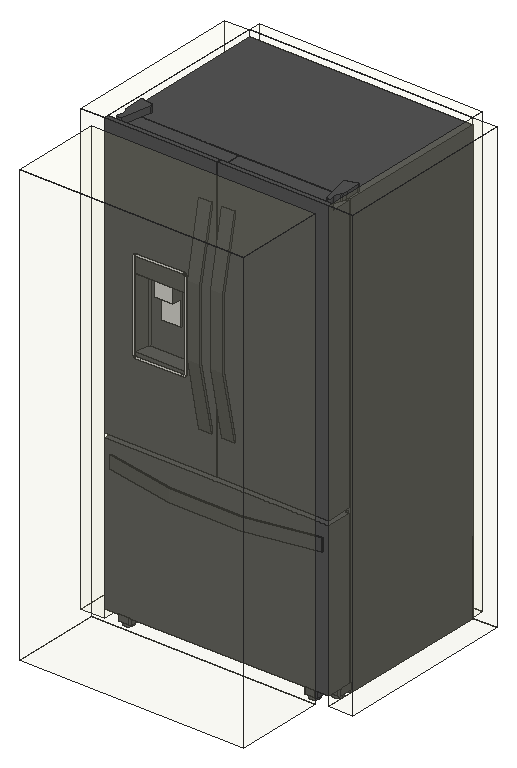
Revit family "WRF954CIHB-014c_Refrigeration_French_Door", category Specialty Equipment, Revit 2026
Family settings
  Round Connector Dimension = Use Diameter
  Part Type = Normal
  Work Plane-Based = No
  Enable Cutting in Views = No
  Always vertical = Yes
  Cut with Voids When Loaded = No
  Maintain Annotation Orientation = No
  Shared = No
  Room Calculation Point = No
Parameters (values of type "WRF954CIHB")
  Width = 35 13/16"
  Warranty Duration (Years) = "Five year limited"
  Voltage = 120 V
  URL = "https://www.whirlpool.com/kitchen/refrigeration/refrigerators/french-door/p.36-inch-wide-counter-depth-french-door-refrigerator-24-cu.-ft.wrf954cihz.html"
  Specification = ""
  SpecWizard = ""
  Show Clearance [instance] = yes
  Send Message = ""
  Sales Information = "https://www.whirlpool.com/kitchen/refrigeration/refrigerators/french-door/p.36-inch-wide-counter-depth-french-door-refrigerator-24-cu.-ft.wrf954cihz.html"
  Product Data = "https://www.whirlpool.com/content/dam/global/documents/201710/specification-sheet-WR170102C.pdf"
  Model = "WRF954CIHB"
  Manufacturer Website = ""
  Manufacturer Phone - Toll Free = ""
  Manufacturer Phone = ""
  Manufacturer Fax = ""
  Manufacturer Email = ""
  Manufacturer Address = ""
  Manufacturer = "Whirlpool"
  Maintenance Schedule (Months) = "NA"
  Leg Material = ARCAT - Metal - Steel - Black
  Installation-Fabrication = "https://www.whirlpool.com/content/dam/global/documents/201809/use-and-care-w10913493-revE.pdf"
  Installation Phase = "NA"
  Height = 71 7/8"
  Handle Material = ARCAT - Metal - Steel - Grey
  HW size = 0"
  Family Name = "Freestanding Refrigerator"
  Expected Lifespan (Years) = "NA"
  Exhaust size = 0"
  Drawn By = ""
  Drain size = 0"
  Door Material = ARCAT - Metal - Steel - Black
  Display Panel Material = ARCAT - Glass - Black
  Description = "Whirlpool® 36-inch Wide Counter Depth French Door Refrigerator"
  Depth = 31 1/2"
  Default Elevation = 0"
  Copyright = ""
  Clearance Material = ARCAT - Clearance
  CW size = 0"
  Body Material = ARCAT - Metal - Steel - Black
  Apparent Load = 0 VA
  Amps = 15 A
Reference planes (in)
  plane 1 "Center (Front/Back)": y = 0
  plane 2: z = 0
  plane 3 "Center (Left/Right)": x = 0
  plane 4: x = -17.90625
  plane 5: x = 17.90625
  plane 6: y = -33.5
  plane 7: z = 71.875
  plane 8: y = -2
Forms (in)
  Extrusion 1, solid, material "ARCAT - Metal - Steel - Black" <- "Body Material"
    sketch origin (0, -2, 0) x (1, 0, 0) y (0, 1, 0)
      loop
        line (-17.90625, -0.125) -> (-17.90625, -24.375) -> (17.90625, -24.375) -> (17.90625, -0.125) -> (-17.90625, -0.125)
    from 0 to 70.875
  Extrusion 2, solid, material "ARCAT - Metal - Steel - Black" <- "Door Material"
    sketch origin (0, -2, 0) x (1, 0, 0) y (0, 1, 0)
      loop
        line (-17.90625, -28.875) -> (17.90625, -28.875) -> (17.90625, -24.875) -> (17.40625, -24.875) -> (17.40625, -24.375) -> (-17.40625, -24.375) -> (-17.40625, -24.875) -> (-17.90625, -24.875) -> (-17.90625, -28.875)
    from 1.5 to 26
  Extrusion 3, solid, material "ARCAT - Metal - Steel - Black" <- "Door Material"
    sketch origin (0, -2, 24.5) x (1, 0, 0) y (0, 1, 0)
      loop
        line (-17.90625, -28.875) -> (-0.04198, -28.875) -> (-0.04198, -24.45374) -> (-17.40625, -24.45374) -> (-17.40625, -24.875) -> (-17.90625, -24.875) -> (-17.90625, -28.875)
      loop
        line (17.40625, -24.45374) -> (0.03676, -24.45374) -> (0.03676, -28.875) -> (17.90625, -28.875) -> (17.90625, -24.875) -> (17.40625, -24.875) -> (17.40625, -24.45374)
    from 2.25 to 46.375
  Extrusion 4, solid, material "ARCAT - Metal - Steel - Grey" <- "Handle Material"
    sketch origin (0, -2, 0) x (1, 0, 0) y (0, 1, 0)
      loop
        arc (-16.92791, -29.11879) -> (0, -31.5) -> (16.92791, -29.11879) r 61.3604
        arc (16.92791, -29.11879) -> (16.99365, -29.07359) -> (17.01895, -28.99793) r 0.12574
        line (17.01895, -28.99793) -> (17.01895, -28.875) -> (16.87109, -28.875)
        arc (16.87109, -28.875) -> (0, -31.25) -> (-16.87109, -28.875) r 61.1104
        line (-16.87109, -28.875) -> (-17.01895, -28.875) -> (-17.01895, -28.99793)
        arc (-17.01895, -28.99793) -> (-16.99365, -29.07359) -> (-16.92791, -29.11879) r 0.12574
    from 22 to 24
  Extrusion 5, solid, material "ARCAT - Metal - Steel - Grey" <- "Handle Material"
    sketch origin (0, -2, 0) x (0, 1, 0) y (0, 0, 1)
      loop
        arc (-28.875, 65.875) -> (-31.5024, 49.21028) -> (-28.875, 32.54555) r 54.16303
        line (-28.875, 32.54555) -> (-28.875, 33.37696)
        arc (-28.875, 33.37696) -> (-31.2524, 49.21028) -> (-28.875, 65.0436) r 53.91303
        line (-28.875, 65.0436) -> (-28.875, 65.875)
    from 0.83523 to 2.83523
  Extrusion 6, solid, material "ARCAT - Metal - Steel - Grey" <- "Handle Material"
    sketch origin (0, -2, 0) x (0, 1, 0) y (0, 0, -1)
      loop
        line (-28.875, -65.875) -> (-28.875, -65.0436)
        arc (-28.875, -65.0436) -> (-31.2524, -49.21028) -> (-28.875, -33.37696) r 53.91303
        line (-28.875, -33.37696) -> (-28.875, -32.54555)
        arc (-28.875, -32.54555) -> (-31.5024, -49.21028) -> (-28.875, -65.875) r 54.16303
    from 0.83523 to 2.83523
  Extrusion 7, solid, material "ARCAT - Glass - Black" <- "Display Panel Material"
    sketch origin (-27.61051, -30.875, 49.9075) x (-1, 0, 0) y (0, 0, 1)
      loop
        line (-14.72929, 4.30278) -> (-22.27528, 4.30278)
        arc (-22.27528, 4.30278) -> (-22.62883, 4.15634) -> (-22.77528, 3.80278) r 0.5
        line (-22.77528, 3.80278) -> (-22.77528, -10.19722)
        arc (-22.77528, -10.19722) -> (-22.62883, -10.55077) -> (-22.27528, -10.69722) r 0.5
        line (-22.27528, -10.69722) -> (-14.72929, -10.69722)
        arc (-14.72929, -10.69722) -> (-14.37574, -10.55077) -> (-14.22929, -10.19722) r 0.5
        line (-14.22929, -10.19722) -> (-14.22929, 3.80278)
        arc (-14.22929, 3.80278) -> (-14.37574, 4.15634) -> (-14.72929, 4.30278) r 0.5
      loop
        line (-14.72929, 4.05278) -> (-22.27528, 4.05278)
        arc (-22.27528, 4.05278) -> (-22.45206, 3.97956) -> (-22.52528, 3.80278) r 0.25
        line (-22.52528, 3.80278) -> (-22.52528, -10.19722)
        arc (-22.52528, -10.19722) -> (-22.45206, -10.37399) -> (-22.27528, -10.44722) r 0.25
        line (-22.27528, -10.44722) -> (-14.72929, -10.44722)
        arc (-14.72929, -10.44722) -> (-14.55251, -10.37399) -> (-14.47929, -10.19722) r 0.25
        line (-14.47929, -10.19722) -> (-14.47929, 3.80278)
        arc (-14.47929, 3.80278) -> (-14.55251, 3.97956) -> (-14.72929, 4.05278) r 0.25
    from 0 to -0.0625
  Extrusion 8, void
    sketch origin (-0.02019, -2, 0) x (1, 0, 0) y (0, 1, 0)
      loop
        line (-13.11103, -28.875) -> (-5.06504, -28.875) -> (-5.34276, -26.61317)
        arc (-5.34276, -26.61317) -> (-5.42524, -26.4564) -> (-5.5909, -26.39363) r 0.25
        line (-5.5909, -26.39363) -> (-12.58518, -26.39363)
        arc (-12.58518, -26.39363) -> (-12.75083, -26.4564) -> (-12.83331, -26.61317) r 0.25
        line (-12.83331, -26.61317) -> (-13.11103, -28.875)
    from 39.99552 to 51.39588
  Extrusion 9, solid, material "ARCAT - Metal - Steel - Black" <- "Leg Material"
    sketch origin (0, -2, 0) x (1, 0, 0) y (0, 1, 0)
      loop
        line (-17.90625, -24.375) -> (-17.90625, -26.5)
        arc (-17.90625, -26.5) -> (-17.83303, -26.67678) -> (-17.65625, -26.75) r 0.25
        line (-17.65625, -26.75) -> (-16.15625, -26.75)
        arc (-16.15625, -26.75) -> (-15.97947, -26.82322) -> (-15.90625, -27) r 0.25
        line (-15.90625, -27) -> (-15.90625, -28.625)
        arc (-15.90625, -28.625) -> (-15.83303, -28.80178) -> (-15.65625, -28.875) r 0.25
        line (-15.65625, -28.875) -> (-14.15625, -28.875)
        arc (-14.15625, -28.875) -> (-13.97947, -28.80178) -> (-13.90625, -28.625) r 0.25
        line (-13.90625, -28.625) -> (-13.90625, -24.375) -> (-17.90625, -24.375)
    from 0.5 to 1.5
  Extrusion 10, solid, material "ARCAT - Metal - Steel - Black" <- "Leg Material"
    sketch origin (0, -2, 0) x (1, 0, 0) y (0, 1, 0)
      loop
        circle (-14.90625, -27.9375) r 0.75
      loop
        circle (-16.96875, -25.8125) r 0.75
    from 0 to 0.5
  Extrusion 11, solid, material "ARCAT - Metal - Steel - Black" <- "Leg Material"
    sketch origin (0, -2, 0) x (-1, 0, 0) y (0, -1, 0)
      loop
        line (-17.90625, 24.375) -> (-13.90625, 24.375) -> (-13.90625, 28.625)
        arc (-13.90625, 28.625) -> (-13.97947, 28.80178) -> (-14.15625, 28.875) r 0.25
        line (-14.15625, 28.875) -> (-15.65625, 28.875)
        arc (-15.65625, 28.875) -> (-15.83303, 28.80178) -> (-15.90625, 28.625) r 0.25
        line (-15.90625, 28.625) -> (-15.90625, 27)
        arc (-15.90625, 27) -> (-15.97947, 26.82322) -> (-16.15625, 26.75) r 0.25
        line (-16.15625, 26.75) -> (-17.65625, 26.75)
        arc (-17.65625, 26.75) -> (-17.83303, 26.67678) -> (-17.90625, 26.5) r 0.25
        line (-17.90625, 26.5) -> (-17.90625, 24.375)
    from 0.5 to 1.5
  Extrusion 12, solid, material "ARCAT - Metal - Steel - Black" <- "Leg Material"
    sketch origin (0, -2, 0) x (-1, 0, 0) y (0, -1, 0)
      loop
        circle (-14.90625, 27.9375) r 0.75
      loop
        circle (-16.96875, 25.8125) r 0.75
    from 0 to 0.5
  Extrusion 13, solid, material "ARCAT - Metal - Steel - Black" <- "Door Material"
    sketch origin (0, -2, 0) x (1, 0, 0) y (0, 1, 0)
      loop
        line (-17.90625, -28.875) -> (-0.04198, -28.875) -> (-0.04198, -28.125) -> (-17.90625, -28.125) -> (-17.90625, -28.875)
      loop
        line (17.90625, -28.125) -> (0.03676, -28.125) -> (0.03676, -28.875) -> (17.90625, -28.875) -> (17.90625, -28.125)
    from 70.875 to 71.875
  Extrusion 14, solid, material "ARCAT - Metal - Steel - Black" <- "Body Material"
    sketch origin (19.92644, -2.125, 48) x (-1, 0, 0) y (0, 0, 1)
      loop
        line (2.02019, 22.875) -> (2.02019, -36) -> (3.02019, -36) -> (3.02019, 21.875) -> (36.83269, 21.875) -> (36.83269, -36) -> (37.83269, -36) -> (37.83269, 22.875) -> (2.02019, 22.875)
    from 0 to 0.125
  Extrusion 15, solid, material "ARCAT - Metal - Steel - Black" <- "Body Material"
    sketch origin (-24.53544, -182, 71.875) x (-1, 0, 0) y (0, -1, 0)
      loop
        line (-25.15355, -179.875) -> (-24.53544, -180) -> (-23.91733, -179.875) -> (-25.15355, -179.875)
    from -2 to -71.875
  Extrusion 16, solid, material "ARCAT - Metal - Steel - Black" <- "Body Material"
    sketch origin (-17.90625, -2.125, 0) x (1, 0, 0) y (0, 0, -1)
      loop
        arc (35.78875, -12) -> (35.80554, -11.99304) -> (35.8125, -11.97625) r 0.02375
        line (35.8125, -11.97625) -> (35.8125, 0) -> (18.52436, 0) -> (18.52436, -12.40323) -> (34.64611, -12.40323)
        arc (34.64611, -12.40323) -> (34.66353, -12.39602) -> (34.67075, -12.37859) r 0.02464
        line (34.67075, -12.37859) -> (34.67075, -12.02344)
        arc (34.67075, -12.02344) -> (34.67762, -12.00686) -> (34.69419, -12) r 0.02344
        line (34.69419, -12) -> (35.78875, -12)
      loop
        line (0, 0) -> (0, -11.97625)
        arc (0, -11.97625) -> (0.00696, -11.99304) -> (0.02375, -12) r 0.02375
        line (0.02375, -12) -> (1.11831, -12)
        arc (1.11831, -12) -> (1.13488, -12.00686) -> (1.14175, -12.02344) r 0.02344
        line (1.14175, -12.02344) -> (1.14175, -12.37859)
        arc (1.14175, -12.37859) -> (1.14897, -12.39602) -> (1.16639, -12.40323) r 0.02464
        line (1.16639, -12.40323) -> (17.28814, -12.40323) -> (17.28814, 0) -> (0, 0)
    from 0 to 0.0625
  Extrusion 17, solid, material "ARCAT - Metal - Steel - Black" <- "Body Material"
    sketch origin (-17.90625, -2.125, 29.25) x (1, 0, 0) y (0, 0, -1)
      loop
        arc (33.8125, -12.40323) -> (34.51961, -12.11034) -> (34.8125, -11.40323) r 1
        line (34.8125, -11.40323) -> (34.8125, -0.40323)
        arc (34.8125, -0.40323) -> (34.51961, 0.30387) -> (33.8125, 0.59677) r 1
        line (33.8125, 0.59677) -> (24.8125, 0.59677)
        arc (24.8125, 0.59677) -> (24.10539, 0.30387) -> (23.8125, -0.40323) r 1
        line (23.8125, -0.40323) -> (23.8125, -11.40323)
        arc (23.8125, -11.40323) -> (24.10539, -12.11034) -> (24.8125, -12.40323) r 1
        line (24.8125, -12.40323) -> (33.8125, -12.40323)
    from 0 to 0.0625
  Extrusion 18, void
    sketch origin (-17.90625, -2.125, 0) x (-1, 0, 0) y (0, 0, -1)
      loop
        line (-4.17709, -7.80229) -> (-1.67709, -7.80229) -> (-1.67709, -5.05229) -> (-4.17709, -5.05229) -> (-4.17709, -7.80229)
    from -0.125 to 1.8721
  Extrusion 19, solid, material "ARCAT - Metal - Steel - Black" <- "Body Material"
    sketch origin (-17.90625, -2.0625, 0) x (1, 0, 0) y (0, 0, -1)
      loop
        circle (27.08085, -11.70577) r 0.25
    from 0 to 0.03125
  Blend 20, solid, material "ARCAT - Metal - Steel - Black" <- "Body Material"
    base sketch origin (-16.81408, -2.0625, -0.25) x (1, 0, 0) y (0, 0, -1)
      loop
        arc (14.99597, -11.01586) -> (15.8445, -10.66438) -> (16.19597, -9.81586) r 1.2
        line (16.19597, -9.81586) -> (16.19597, -3.34086)
        arc (16.19597, -3.34086) -> (15.8445, -2.49233) -> (14.99597, -2.14086) r 1.2
        line (14.99597, -2.14086) -> (9.39597, -2.14086)
        arc (9.39597, -2.14086) -> (8.54745, -2.49233) -> (8.19597, -3.34086) r 1.2
        line (8.19597, -3.34086) -> (8.19597, -9.81586)
        arc (8.19597, -9.81586) -> (8.54745, -10.66438) -> (9.39597, -11.01586) r 1.2
        line (9.39597, -11.01586) -> (14.99597, -11.01586)
    top sketch origin (-16.81408, -2.0625, -0.25) x (1, 0, 0) y (0, 0, -1)
      loop
        line (15.19597, -9.51586) -> (15.19597, -3.64086)
        arc (15.19597, -3.64086) -> (15.04953, -3.2873) -> (14.69597, -3.14086) r 0.5
        line (14.69597, -3.14086) -> (9.69597, -3.14086)
        arc (9.69597, -3.14086) -> (9.34242, -3.2873) -> (9.19597, -3.64086) r 0.5
        line (9.19597, -3.64086) -> (9.19597, -9.51586)
        arc (9.19597, -9.51586) -> (9.34242, -9.86941) -> (9.69597, -10.01586) r 0.5
        line (9.69597, -10.01586) -> (14.69597, -10.01586)
        arc (14.69597, -10.01586) -> (15.04953, -9.86941) -> (15.19597, -9.51586) r 0.5
    from 0 to 0.0625
  Extrusion 21, solid, material "ARCAT - Glass - Black" <- "Display Panel Material"
    sketch origin (-17.90625, -30.875, 24.5) x (1, 0, 0) y (0, 0, 1)
      loop
        line (4.79522, 26.89588) -> (12.81841, 26.89588) -> (12.81841, 29.21028)
        arc (12.81841, 29.21028) -> (12.74518, 29.38705) -> (12.56841, 29.46028) r 0.25
        line (12.56841, 29.46028) -> (5.04522, 29.46028)
        arc (5.04522, 29.46028) -> (4.86844, 29.38705) -> (4.79522, 29.21028) r 0.25
        line (4.79522, 29.21028) -> (4.79522, 26.89588)
    from 0 to 0.0625
  Extrusion 22, solid, material "ARCAT - Clearance" <- "Clearance Material", visible <- "Show Clearance", detail levels medium+fine
    sketch origin (-24.53544, -182, 71.875) x (-1, 0, 0) y (0, -1, 0)
      loop
        line (-6.62919, -148.5) -> (-6.62919, -134.125) -> (-42.44169, -134.125) -> (-42.44169, -148.5) -> (-6.62919, -148.5)
    from 0 to -70.375
  Extrusion 23, solid, material "ARCAT - Metal - Steel - Black" <- "Body Material"
    sketch origin (0.40775, -2.73447, 70.875) x (1, 0, 0) y (0, 1, 0)
      loop
        arc (-17.51354, -21.39842) -> (-17.75419, -21.45093) -> (-17.86177, -21.6725) r 0.28197
        line (-17.86177, -21.6725) -> (-17.86177, -23.92511)
        arc (-17.86177, -23.92511) -> (-17.83722, -24.28246) -> (-17.76403, -24.6331) r 2.61317
        arc (-17.76403, -24.6331) -> (-17.70066, -24.78883) -> (-17.60425, -24.92658) r 0.75155
        arc (-17.60425, -24.92658) -> (-17.32156, -25.59776) -> (-17.50143, -26.30348) r 1.14347
        arc (-17.50143, -26.30348) -> (-17.33794, -26.87936) -> (-16.78806, -26.64274) r 0.39831
        line (-16.78806, -26.64274) -> (-15.82015, -22.08907)
        arc (-15.82015, -22.08907) -> (-15.85727, -21.8807) -> (-16.02917, -21.75722) r 0.28125
        line (-16.02917, -21.75722) -> (-17.51354, -21.39842)
    from 0 to 1
  Extrusion 24, solid, material "ARCAT - Metal - Steel - Black" <- "Body Material"
    sketch origin (-0.40775, -2.73447, 70.875) x (-1, 0, 0) y (0, -1, 0)
      loop
        line (-17.51354, 21.39842) -> (-16.02917, 21.75722)
        arc (-16.02917, 21.75722) -> (-15.85727, 21.8807) -> (-15.82015, 22.08907) r 0.28125
        line (-15.82015, 22.08907) -> (-16.78806, 26.64274)
        arc (-16.78806, 26.64274) -> (-17.33794, 26.87936) -> (-17.50143, 26.30348) r 0.39831
        arc (-17.50143, 26.30348) -> (-17.32156, 25.59776) -> (-17.60425, 24.92658) r 1.14347
        arc (-17.60425, 24.92658) -> (-17.70066, 24.78883) -> (-17.76403, 24.6331) r 0.75155
        arc (-17.76403, 24.6331) -> (-17.83722, 24.28246) -> (-17.86177, 23.92511) r 2.61317
        line (-17.86177, 23.92511) -> (-17.86177, 21.6725)
        arc (-17.86177, 21.6725) -> (-17.75419, 21.45093) -> (-17.51354, 21.39842) r 0.28197
    from 0 to 1
  Extrusion 25, solid, material "ARCAT - Clearance" <- "Clearance Material", visible <- "Show Clearance", detail levels medium+fine
    sketch origin (-28.44169, -182, 71.875) x (-1, 0, 0) y (0, -1, 0)
      loop
        line (-6.62919, -151.125) -> (-10.53544, -151.125) -> (-10.53544, -180) -> (-6.62919, -180) -> (-6.62919, -151.125)
      loop
        line (-50.25419, -151.125) -> (-50.25419, -180) -> (-46.34794, -180) -> (-46.34794, -151.125) -> (-50.25419, -151.125)
    from 0 to -71.875
  Extrusion 26, solid, material "ARCAT - Clearance" <- "Clearance Material", visible <- "Show Clearance", detail levels medium+fine
    sketch origin (-24.53544, -148.5, 71.875) x (-1, 0, 0) y (0, -1, 0)
      loop
        line (-6.62919, -148.5) -> (-6.62919, -146.5) -> (-42.44169, -146.5) -> (-42.44169, -148.5) -> (-6.62919, -148.5)
    from 0 to -71.875
  Extrusion 27, solid, material "ARCAT - Metal - Steel - Black" <- "Body Material"
    sketch origin (-7.60823, -28.39363, 51.39588) x (0, -1, 0) y (0, 0, -1)
      loop
        line (1.73137, 0) -> (1.73137, 2.88309) -> (0.25, 2.88309) -> (0.25, 6.88309) -> (0, 6.88309) -> (0, 0) -> (1.73137, 0)
    from 0 to -3
Cuts and joins
  Extrusion 8 cuts Extrusion 2
  Extrusion 8 cuts Extrusion 3
  joined: Extrusion 3, Extrusion 13
  Extrusion 18 cuts Extrusion 1
  joined: Extrusion 1, Extrusion 14
  Extrusion 18 cuts Extrusion 16
Lines and regions (in)
  Split face 1
    outline origin (-17.90625, -30.875, 70.875) x (0, 0, -1) y (1, 0, 0)
      loop
        line (30.87948, 4.77503) -> (31.16472, 4.77503)
        arc (31.16472, 4.77503) -> (31.3415, 4.84825) -> (31.41472, 5.02503) r 0.25
        line (31.41472, 5.02503) -> (31.41472, 12.57102)
        arc (31.41472, 12.57102) -> (31.3415, 12.74779) -> (31.16472, 12.82102) r 0.25
        line (31.16472, 12.82102) -> (30.87948, 12.82102) -> (30.87948, 4.77503)
  model lines
    curve 1: line (15.21757, -2.0625, 10.06619) -> (0.61811, -2.0625, 10.06619)
    curve 2: line (15.21757, -2.0625, 2.06619) -> (15.21757, -2.0625, 10.06619)
    curve 3: line (0.61811, -2.0625, 2.06619) -> (15.21757, -2.0625, 2.06619)
    curve 4: line (0.61811, -2.0625, 10.06619) -> (0.61811, -2.0625, 2.06619)
    curve 5: line (-10.64822, -2.0625, 10.78736) -> (-16.39822, -2.0625, 10.78736)
    curve 6: line (-10.64822, -2.0625, 2.06722) -> (-10.64822, -2.0625, 10.78736)
    curve 7: line (-16.39822, -2.0625, 9.56619) -> (-13.14822, -2.0625, 9.56619)
    curve 8: line (-16.39822, -2.0625, 10.78736) -> (-16.39822, -2.0625, 9.56619)
    curve 9: line (-16.39822, -2.0625, 3.28839) -> (-13.14822, -2.0625, 3.28839)
    curve 10: line (-13.14822, -2.0625, 9.56619) -> (-13.14822, -2.0625, 3.28839)
    curve 11: line (-13.89822, -2.0625, 2.06722) -> (-16.39822, -2.0625, 2.06722)
    curve 12: line (-16.39822, -2.0625, 3.28839) -> (-16.39822, -2.0625, 2.06722)
    curve 13: line (-13.89822, -2.0625, 2.06722) -> (-13.89822, -2.0625, 1.06722)
    curve 14: line (-13.89822, -2.0625, 1.06722) -> (-10.64822, -2.0625, 1.06722)
    curve 15: line (-10.64822, -2.0625, 1.06722) -> (-10.64822, -2.0625, 2.06722)
    curve 30: line (-17.90625, -4.125, 6.5) -> (-17.90625, -8.875, 6.5)
    curve 31: line (-17.90625, -4.125, 2) -> (-17.90625, -4.125, 6.5)
    curve 32: line (-17.90625, -8.875, 2) -> (-17.90625, -4.125, 2)
    curve 33: line (-17.90625, -8.875, 6.5) -> (-17.90625, -8.875, 2)
    curve 34: line (-17.90625, -4.375, 6.25) -> (-17.90625, -8.625, 6.25)
    curve 35: line (-17.90625, -4.375, 2.25) -> (-17.90625, -4.375, 6.25)
    curve 36: line (-17.90625, -8.625, 2.25) -> (-17.90625, -4.375, 2.25)
    curve 37: line (-17.90625, -8.625, 6.25) -> (-17.90625, -8.625, 2.25)
    curve 38: line (-17.90625, -4.625, 5.89718) -> (-17.90625, -8.375, 5.89718)
    curve 39: line (-17.90625, -4.625, 5.60282) -> (-17.90625, -4.625, 5.89718)
    curve 40: line (-17.90625, -8.375, 5.60282) -> (-17.90625, -4.625, 5.60282)
    curve 41: line (-17.90625, -8.375, 5.89718) -> (-17.90625, -8.375, 5.60282)
    curve 42: line (-17.90625, -4.625, 5.39718) -> (-17.90625, -8.375, 5.39718)
    curve 43: line (-17.90625, -4.625, 5.10282) -> (-17.90625, -4.625, 5.39718)
    curve 44: line (-17.90625, -8.375, 5.10282) -> (-17.90625, -4.625, 5.10282)
    curve 45: line (-17.90625, -8.375, 5.39718) -> (-17.90625, -8.375, 5.10282)
    curve 46: line (-17.90625, -4.625, 4.89718) -> (-17.90625, -8.375, 4.89718)
    curve 47: line (-17.90625, -4.625, 4.60282) -> (-17.90625, -4.625, 4.89718)
    curve 48: line (-17.90625, -8.375, 4.60282) -> (-17.90625, -4.625, 4.60282)
    curve 49: line (-17.90625, -8.375, 4.89718) -> (-17.90625, -8.375, 4.60282)
    curve 50: line (-17.90625, -4.625, 4.39718) -> (-17.90625, -8.375, 4.39718)
    curve 51: line (-17.90625, -4.625, 4.10282) -> (-17.90625, -4.625, 4.39718)
    curve 52: line (-17.90625, -8.375, 4.10282) -> (-17.90625, -4.625, 4.10282)
    curve 53: line (-17.90625, -8.375, 4.39718) -> (-17.90625, -8.375, 4.10282)
    curve 54: line (-17.90625, -4.625, 3.89718) -> (-17.90625, -8.375, 3.89718)
    curve 55: line (-17.90625, -4.625, 3.60282) -> (-17.90625, -4.625, 3.89718)
    curve 56: line (-17.90625, -8.375, 3.60282) -> (-17.90625, -4.625, 3.60282)
    curve 57: line (-17.90625, -8.375, 3.89718) -> (-17.90625, -8.375, 3.60282)
    curve 58: line (-17.90625, -4.625, 3.39718) -> (-17.90625, -8.375, 3.39718)
    curve 59: line (-17.90625, -4.625, 3.10282) -> (-17.90625, -4.625, 3.39718)
    curve 60: line (-17.90625, -8.375, 3.10282) -> (-17.90625, -4.625, 3.10282)
    curve 61: line (-17.90625, -8.375, 3.39718) -> (-17.90625, -8.375, 3.10282)
    curve 62: line (-17.90625, -4.625, 2.89718) -> (-17.90625, -8.375, 2.89718)
    curve 63: line (-17.90625, -4.625, 2.60282) -> (-17.90625, -4.625, 2.89718)
    curve 64: line (-17.90625, -8.375, 2.60282) -> (-17.90625, -4.625, 2.60282)
    curve 65: line (-17.90625, -8.375, 2.89718) -> (-17.90625, -8.375, 2.60282)
  symbolic lines, style "SpecialityEquipment"
    curve 16: line (-17.90625, -2, 71.875) -> (17.90625, -2, 71.875)
    curve 17: line (-17.90625, -30.875, 71.875) -> (-17.90625, -2, 71.875)
    curve 18: line (17.90625, -30.875, 71.875) -> (-17.90625, -30.875, 71.875)
    curve 19: line (17.90625, -2, 71.875) -> (17.90625, -30.875, 71.875)
    curve 20: arc (-16.92791, -31.11879, 71.875) -> (0, -33.5, 71.875) -> (16.92791, -31.11879, 71.875) r 61.3604
    curve 21: arc (16.92791, -31.11879, 71.875) -> (16.99365, -31.07359, 71.875) -> (17.01895, -30.99793, 71.875) r 0.12574
    curve 22: line (17.01895, -30.99793, 71.875) -> (17.01895, -30.875, 71.875)
    curve 23: line (-17.01895, -30.875, 71.875) -> (-17.01895, -30.99793, 71.875)
    curve 24: arc (-17.01895, -30.99793, 71.875) -> (-16.99365, -31.07359, 71.875) -> (-16.92791, -31.11879, 71.875) r 0.12574
    curve 25: line (-0.83523, -33.24429, 71.875) -> (-0.83523, -30.875, 71.875)
    curve 26: line (-2.83523, -30.875, 71.875) -> (-2.83523, -33.18419, 71.875)
    curve 27: line (0.83523, -33.24429, 71.875) -> (0.83523, -30.875, 71.875)
    curve 28: line (2.83523, -30.875, 71.875) -> (2.83523, -33.18419, 71.875)
    curve 29: arc (16.87109, -30.875, 71.875) -> (0, -33.25, 71.875) -> (-16.87109, -30.875, 71.875) r 61.1104
Dimensions and locks (in)
  equal spacing: plane 4, plane 3 "Center (Left/Right)", plane 5
  "Width": plane 4 to plane 5
  "Height": plane 7 to level
  "Depth": plane 8 to plane 6
  aligned and locked: plane 2 to level
Automatic sketch dimensions
  Extrusion 1 sketch curve to plane 4 = 0"
  Extrusion 1 sketch curve to plane 5 = 0"
  plane 6 to Extrusion 1 sketch curve = 7 1/8"
  Extrusion 1 sketch curve to plane 8 = 1/8"
  Extrusion 2 sketch curve to plane 4 = 0"
  Extrusion 2 sketch curve to plane 5 = 0"
  plane 4 to Extrusion 2 sketch curve = 1/2"
  plane 5 to Extrusion 2 sketch curve = 1/2"
  plane 6 to Extrusion 2 sketch curve = 2 5/8"
  Extrusion 2 sketch curve to Extrusion 2 sketch curve = 4"  (x2)
  Extrusion 2 sketch curve to Extrusion 2 sketch curve = 1/2"
  Extrusion 4 sketch curve to Extrusion 4 sketch curve = 0"  (x3)
  Extrusion 4 sketch curve to plane 3 "Center (Left/Right)" = 0"
  plane 4 to Extrusion 4 sketch curve = 1 9/256"
  Extrusion 4 sketch curve to Extrusion 4 sketch curve = 0.02213"  (x2)
  Extrusion 4 sketch curve to Extrusion 4 sketch curve = 0.12574"
  plane 5 to Extrusion 4 sketch curve = 1 9/256"
  Extrusion 4 sketch curve to Extrusion 4 sketch curve = 0.14786"
  plane 6 to Extrusion 4 sketch curve = 2.50207"  (x2)
  Extrusion 4 sketch curve to Extrusion 4 sketch curve = 0.12293"
  Extrusion 4 sketch curve to plane 1 "Center (Front/Back)" = 27.8604"
  Extrusion 5 sketch curve to Extrusion 5 sketch curve = 0"  (x2)
  plane 6 to Extrusion 5 sketch curve = 2 5/8"  (x2)
  Extrusion 5 sketch curve to plane 1 "Center (Front/Back)" = 20.66062"
  level to Extrusion 5 sketch curve = 32.54555"
  Extrusion 5 sketch curve to Extrusion 5 sketch curve = 0.8314"
  Extrusion 5 sketch curve to plane 7 = 22.66472"
  Extrusion 6 sketch curve to Extrusion 6 sketch curve = 0"  (x2)
  plane 6 to Extrusion 6 sketch curve = 2 5/8"  (x2)
  Extrusion 6 sketch curve to plane 1 "Center (Front/Back)" = 20.66062"
  Extrusion 6 sketch curve to plane 7 = 6"
  Extrusion 6 sketch curve to Extrusion 6 sketch curve = 0.8314"
  level to Extrusion 6 sketch curve = 49.21028"
  Extrusion 7 sketch curve to Extrusion 7 sketch curve = 0"  (x8)
  Extrusion 7 sketch curve to plane 3 "Center (Left/Right)" = 4.83523"
  Extrusion 7 sketch curve to Extrusion 7 sketch curve = 1/4"  (x4)
  plane 4 to Extrusion 7 sketch curve = 5.02503"  (x2)
  Extrusion 7 sketch curve to plane 7 = 32.66472"
  Extrusion 7 sketch curve to Extrusion 7 sketch curve = 14"
  plane 4 to Extrusion 8 sketch curve = 4.77503"
  Extrusion 8 sketch curve to Extrusion 8 sketch curve = 0.27772"  (x2)
  Extrusion 8 sketch curve to Extrusion 8 sketch curve = 0.24814"  (x2)
  Extrusion 8 sketch curve to plane 3 "Center (Left/Right)" = 5.61109"
  plane 6 to Extrusion 8 sketch curve = 2 5/8"
  Extrusion 8 sketch curve to Extrusion 8 sketch curve = 2.23137"  (x2)
  Extrusion 8 sketch curve to Extrusion 8 sketch curve = 0.03047"
  Extrusion 9 sketch curve to plane 4 = 0"
  Extrusion 9 sketch curve to Extrusion 9 sketch curve = 1/4"  (x3)
  Extrusion 9 sketch curve to Extrusion 9 sketch curve = 1 1/2"  (x2)
  Extrusion 9 sketch curve to Extrusion 9 sketch curve = 2 1/4"
  plane 6 to Extrusion 9 sketch curve = 2 5/8"
  Extrusion 9 sketch curve to Extrusion 9 sketch curve = 1 5/8"
  Extrusion 9 sketch curve to Extrusion 9 sketch curve = 2 3/8"
  plane 4 to Extrusion 10 sketch curve = 15/16"
  Extrusion 10 sketch curve to Extrusion 10 sketch curve = 2 1/16"
  plane 6 to Extrusion 10 sketch curve = 3 9/16"
  Extrusion 10 sketch curve to Extrusion 10 sketch curve = 2 1/8"
  Extrusion 11 sketch curve to plane 5 = 0"
  Extrusion 11 sketch curve to plane 5 = 1/4"
  Extrusion 11 sketch curve to Extrusion 11 sketch curve = 1 1/2"  (x2)
  Extrusion 11 sketch curve to Extrusion 11 sketch curve = 1/4"  (x2)
  Extrusion 11 sketch curve to Extrusion 11 sketch curve = 2 1/4"
  Extrusion 11 sketch curve to plane 6 = 2 5/8"
  Extrusion 11 sketch curve to Extrusion 11 sketch curve = 1 5/8"
  Extrusion 11 sketch curve to Extrusion 11 sketch curve = 2 3/8"
  Extrusion 12 sketch curve to plane 5 = 15/16"
  Extrusion 12 sketch curve to Extrusion 12 sketch curve = 2 1/16"
  Extrusion 12 sketch curve to plane 6 = 3 9/16"
  Extrusion 12 sketch curve to Extrusion 12 sketch curve = 2 1/8"
  Extrusion 14 sketch curve to plane 5 = 0"
  plane 4 to Extrusion 14 sketch curve = 0"
  plane 5 to Extrusion 14 sketch curve = 1"
  Extrusion 14 sketch curve to Extrusion 14 sketch curve = 1"
  level to Extrusion 14 sketch curve = 12"  (x2)
  Extrusion 14 sketch curve to plane 7 = 2"
  Extrusion 14 sketch curve to plane 7 = 1"
  Extrusion 15 sketch curve to plane 3 "Center (Left/Right)" = 0"
  Extrusion 15 sketch curve to plane 8 = 0"
  Extrusion 15 sketch curve to plane 8 = 1/8"
  plane 3 "Center (Left/Right)" to Extrusion 15 sketch curve = 0.61811"
  Extrusion 15 sketch curve to plane 3 "Center (Left/Right)" = 0.61811"
  Extrusion 1 to Extrusion 16 sketch curve = 0"
  Extrusion 16 sketch curve to Extrusion 1 = 0"  (x3)
  Extrusion 16 sketch curve to Extrusion 1 = 0.02375"  (x2)
  Extrusion 16 sketch curve to Extrusion 16 sketch curve = 1.09456"
  Extrusion 16 sketch curve to Extrusion 16 sketch curve = 3/128"  (x2)
  Extrusion 16 sketch curve to Extrusion 16 sketch curve = 0.02464"  (x2)
  Extrusion 16 sketch curve to Extrusion 1 = 17.28814"
  Extrusion 16 sketch curve to Extrusion 16 sketch curve = 1.23621"
  Extrusion 16 sketch curve to Extrusion 1 = 1.16639"
  Extrusion 16 sketch curve to Extrusion 16 sketch curve = 11.97625"  (x2)
  Extrusion 16 sketch curve to Extrusion 16 sketch curve = 0.35516"  (x2)
  Extrusion 17 sketch curve to Extrusion 1 = 12"
  Extrusion 17 sketch curve to Extrusion 17 sketch curve = 1"  (x2)
  Extrusion 17 sketch curve to Extrusion 1 = 2"  (x2)
  Extrusion 17 sketch curve to Extrusion 1 = 1"
  Extrusion 1 to Extrusion 17 sketch curve = 29.22177"
  Extrusion 17 sketch curve to Extrusion 17 sketch curve = 11"
  Extrusion 1 to Extrusion 18 sketch curve = 4.17709"
  Extrusion 1 to Extrusion 18 sketch curve = 1.67709"
  Extrusion 18 sketch curve to Extrusion 1 = 7.80229"
  Extrusion 18 sketch curve to Extrusion 18 sketch curve = 2 3/4"
  plane 5 to Extrusion 19 sketch curve = 8.73165"
  level to Extrusion 19 sketch curve = 11.70577"
  Extrusion 16 to curve 4 = 0"
  curve 6 to Extrusion 16 = 1.21264"
  curve 6 to Extrusion 16 = 6.11628"
  curve 9 to curve 6 = 2 1/2"
  curve 11 to curve 9 = 3/4"
  curve 12 to Extrusion 16 = 0.36628"
  curve 5 to Extrusion 16 = 0.36628"
  curve 2 to Extrusion 16 = 1.54693"
  curve 2 to Extrusion 16 = 1.93381"
  curve 10 to Extrusion 16 = 2.43381"
  curve 9 to Extrusion 16 = 3.28839"
  curve 9 to curve 12 = 1.22117"
  curve 6 to Extrusion 16 = 2.06722"
  curve 3 to Extrusion 16 = 2.06619"
  curve 6 to curve 14 = 1"
  Blend 20 sketch curve to plane 3 "Center (Left/Right)" = 8.61811"
  Blend 20 sketch curve to Blend 20 sketch curve = 1.2"  (x2)
  Blend 20 sketch curve to plane 3 "Center (Left/Right)" = 1.81811"  (x2)
  Blend 20 sketch curve to plane 3 "Center (Left/Right)" = 0.61811"
  level to Blend 20 sketch curve = 10.76586"
  level to Blend 20 sketch curve = 3.09086"
  Blend 20 sketch curve to plane 3 "Center (Left/Right)" = 7.61811"
  Blend 20 sketch curve to Blend 20 sketch curve = 1/2"  (x3)
  Blend 20 sketch curve to plane 3 "Center (Left/Right)" = 2.11811"  (x2)
  level to Blend 20 sketch curve = 9.76586"
  level to Blend 20 sketch curve = 3.39086"
  Extrusion 3 to Extrusion 21 sketch curve = 4.79522"
  Extrusion 21 sketch curve to Extrusion 21 sketch curve = 1/4"  (x2)
  Extrusion 3 to Extrusion 21 sketch curve = 19.47912"
  Extrusion 21 sketch curve to Extrusion 21 sketch curve = 2.31439"
  Extrusion 22 sketch curve to plane 5 = 0"
  Extrusion 22 sketch curve to plane 4 = 0"
  Extrusion 22 sketch curve to plane 6 = 0"
  Extrusion 22 sketch curve to plane 6 = 14 3/8"
  curve 20 to curve 29 = 0"  (x2)
  curve 16 to plane 5 = 0"
  curve 29 to plane 3 "Center (Left/Right)" = 0"
  curve 17 to plane 4 = 0"
  curve 16 to plane 8 = 0"
  plane 5 to curve 22 = 0.8873"
  curve 22 to curve 21 = 0.12574"
  plane 4 to curve 24 = 1.01303"
  curve 24 to curve 23 = 0.12574"
  curve 29 to plane 1 "Center (Front/Back)" = 27.8604"
  plane 6 to curve 19 = 2 5/8"
  curve 29 to curve 24 = 0.12293"
  curve 29 to curve 21 = 0.12293"
  curve 20 to curve 21 = 0"
  curve 21 to curve 29 = 0.02213"
  plane 3 "Center (Left/Right)" to curve 28 = 2.83523"
  plane 3 "Center (Left/Right)" to curve 27 = 0.83523"
  plane 6 to curve 25 = 0.25571"
  curve 25 to curve 26 = 2"
  Extrusion 23 sketch curve to plane 4 = 0.14786"
  plane 4 to Extrusion 23 sketch curve = 0.45223"
  Extrusion 23 sketch curve to Extrusion 23 sketch curve = 0.28197"
  Extrusion 23 sketch curve to Extrusion 23 sketch curve = 0.06625"
  plane 4 to Extrusion 23 sketch curve = 1.14712"
  Extrusion 23 sketch curve to Extrusion 23 sketch curve = 0.82117"
  Extrusion 23 sketch curve to Extrusion 23 sketch curve = 0.37882"
  Extrusion 23 sketch curve to Extrusion 23 sketch curve = 1.48454"
  Extrusion 23 sketch curve to Extrusion 23 sketch curve = 0.06608"
  Extrusion 23 sketch curve to Extrusion 23 sketch curve = 0.2751"
  Extrusion 23 sketch curve to Extrusion 23 sketch curve = 1.792"
  plane 6 to Extrusion 23 sketch curve = 4.12279"
  Extrusion 23 sketch curve to Extrusion 23 sketch curve = 0.12309"
  Extrusion 23 sketch curve to Extrusion 23 sketch curve = 0.83673"
  Extrusion 23 sketch curve to Extrusion 23 sketch curve = 1.25344"
  Extrusion 23 sketch curve to Extrusion 23 sketch curve = 0.50437"
  Extrusion 23 sketch curve to Extrusion 23 sketch curve = 1.83603"
  Extrusion 23 sketch curve to Extrusion 23 sketch curve = 0.05848"
  Extrusion 23 sketch curve to Extrusion 23 sketch curve = 0.35809"
  Extrusion 23 sketch curve to Extrusion 23 sketch curve = 0"  (x2)
  Extrusion 24 sketch curve to plane 5 = 0.14786"
  plane 5 to Extrusion 24 sketch curve = 0.45223"
  Extrusion 24 sketch curve to Extrusion 24 sketch curve = 0.28197"
  Extrusion 24 sketch curve to Extrusion 24 sketch curve = 0.06625"
  plane 5 to Extrusion 24 sketch curve = 1.14712"
  Extrusion 24 sketch curve to Extrusion 24 sketch curve = 0.82117"
  Extrusion 24 sketch curve to Extrusion 24 sketch curve = 0.37882"
  Extrusion 24 sketch curve to Extrusion 24 sketch curve = 1.48454"
  Extrusion 24 sketch curve to Extrusion 24 sketch curve = 0.06608"
  Extrusion 24 sketch curve to Extrusion 24 sketch curve = 0.2751"
  Extrusion 24 sketch curve to Extrusion 24 sketch curve = 1.792"
  plane 6 to Extrusion 24 sketch curve = 9.36711"
  Extrusion 24 sketch curve to Extrusion 24 sketch curve = 0.3588"
  Extrusion 24 sketch curve to Extrusion 24 sketch curve = 0.27338"
  Extrusion 24 sketch curve to Extrusion 24 sketch curve = 1.83603"
  Extrusion 24 sketch curve to Extrusion 24 sketch curve = 0.50437"
  Extrusion 24 sketch curve to Extrusion 24 sketch curve = 1.04982"
  Extrusion 24 sketch curve to Extrusion 24 sketch curve = 0.83673"
  Extrusion 24 sketch curve to Extrusion 24 sketch curve = 0.12309"
  Extrusion 24 sketch curve to Extrusion 24 sketch curve = 0"  (x2)
  Extrusion 1 to curve 30 = 6 3/4"
  curve 32 to curve 37 = 1/4"
  curve 36 to curve 64 = 1/4"
  curve 61 to curve 62 = 0"
  curve 48 to curve 58 = 0"
  curve 57 to curve 58 = 0"
  curve 34 to curve 38 = 1/4"
  curve 53 to curve 54 = 0"
  curve 42 to curve 40 = 0"
  Extrusion 1 to curve 47 = 2 1/2"
  curve 50 to curve 47 = 0"
  curve 44 to curve 46 = 0"
  curve 54 to curve 51 = 0"
  curve 40 to curve 42 = 0"
  curve 58 to curve 55 = 0"
  curve 64 to curve 59 = 0"
  curve 63 to curve 36 = 1/4"
  curve 34 to curve 31 = 1/4"
  Extrusion 1 to curve 30 = 6 1/2"
  curve 30 to curve 37 = 1/4"
  curve 34 to curve 38 = 0.35282"
  curve 38 to curve 40 = 0.29436"
  curve 40 to curve 45 = 0.20564"
  curve 42 to curve 44 = 0.29436"
  curve 43 to curve 47 = 0.20564"
  curve 46 to curve 48 = 0.29436"
  curve 48 to curve 53 = 0.20564"
  curve 50 to curve 51 = 0.29436"
  curve 52 to curve 54 = 0.20564"
  curve 54 to curve 56 = 0.29436"
  curve 56 to curve 61 = 0.20564"
  curve 58 to curve 59 = 0.29436"
  curve 59 to curve 62 = 0.20564"
  curve 62 to curve 63 = 0.29436"
  curve 63 to curve 36 = 0.35282"
  curve 36 to curve 33 = 1/4"
  Extrusion 25 sketch curve to plane 8 = 0"  (x2)
  Extrusion 25 sketch curve to plane 5 = 3 29/32"
  plane 5 to Extrusion 25 sketch curve = 0"
  plane 4 to Extrusion 25 sketch curve = 0"
  Extrusion 25 sketch curve to plane 4 = 3 29/32"
  plane 6 to Extrusion 25 sketch curve = 2 5/8"  (x2)
  plane 1 "Center (Front/Back)" to Extrusion 26 sketch curve = 0"
  Extrusion 26 sketch curve to plane 5 = 0"
  Extrusion 26 sketch curve to plane 4 = 0"
  Extrusion 26 sketch curve to plane 8 = 0"
  plane 6 to Extrusion 27 sketch curve = 5.10637"
  Extrusion 27 sketch curve to Extrusion 27 sketch curve = 1/4"
  Extrusion 27 sketch curve to Extrusion 27 sketch curve = 1.48137"
  Extrusion 27 sketch curve to plane 7 = 20.47912"
  Extrusion 27 sketch curve to Extrusion 27 sketch curve = 2.88309"
  Extrusion 27 sketch curve to Extrusion 27 sketch curve = 4"
  plane 4 to Extrusion 13 sketch curve = 0"
  Extrusion 13 sketch curve to plane 5 = 0"
  plane 6 to Extrusion 13 sketch curve = 2 5/8"
  Extrusion 13 sketch curve to Extrusion 13 sketch curve = 0"
  Extrusion 13 sketch curve to plane 3 "Center (Left/Right)" = 0.04198"
  Extrusion 13 sketch curve to Extrusion 13 sketch curve = 3/4"  (x2)
  plane 3 "Center (Left/Right)" to Extrusion 13 sketch curve = 0.03676"
  Extrusion 21 sketch curve to Extrusion 3 = 5.29586"
  Extrusion 3 sketch curve to plane 4 = 0"
  Extrusion 3 sketch curve to plane 5 = 0"
  Extrusion 3 sketch curve to Extrusion 3 sketch curve = 1/2"
  Extrusion 3 sketch curve to plane 3 "Center (Left/Right)" = 0.04198"
  plane 3 "Center (Left/Right)" to Extrusion 3 sketch curve = 0.03676"
  plane 5 to Extrusion 3 sketch curve = 1/2"
  plane 6 to Extrusion 3 sketch curve = 2 5/8"
  Extrusion 3 sketch curve to Extrusion 3 sketch curve = 0"
  Extrusion 3 sketch curve to Extrusion 3 sketch curve = 4"  (x2)
  Extrusion 3 sketch curve to Extrusion 3 sketch curve = 4.42126"
  Extrusion 3 sketch curve to Extrusion 3 sketch curve = 0.42126"
  Split face 1 sketch curve to cut or joined group of Extrusion 3, Extrusion 8, Extrusion 13 = 0"
  Split face 1 sketch curve to Split face 1 sketch curve = 0.28525"
  cut or joined group of Extrusion 3, Extrusion 8, Extrusion 13 to Split face 1 sketch curve = 1/4"  (x2)
  cut or joined group of Extrusion 3, Extrusion 8, Extrusion 13 to Split face 1 sketch curve = 0"  (x2)
  radius of Extrusion 10 sketch curve = 3/4"  (x2)
  radius of Extrusion 12 sketch curve = 3/4"  (x2)
  radius of Extrusion 19 sketch curve = 1/4"
Connectors (in)
  electrical at (9.1746, -2.03125, 11.70577), driven by "Voltage", driven by "Apparent Load"
    settings: on Extrusion 19, index 1, voltage 120 V, apparent load 0 VA, apparent load phase1 0 VA, apparent load phase2 0 VA, apparent load phase3 0 VA, power factor 1, load classification "Other", number of poles 1, system type 30, power factor state 1, is connector primary yes, connector utility no, sub classification motor no, connector description "Electrical Connection"
